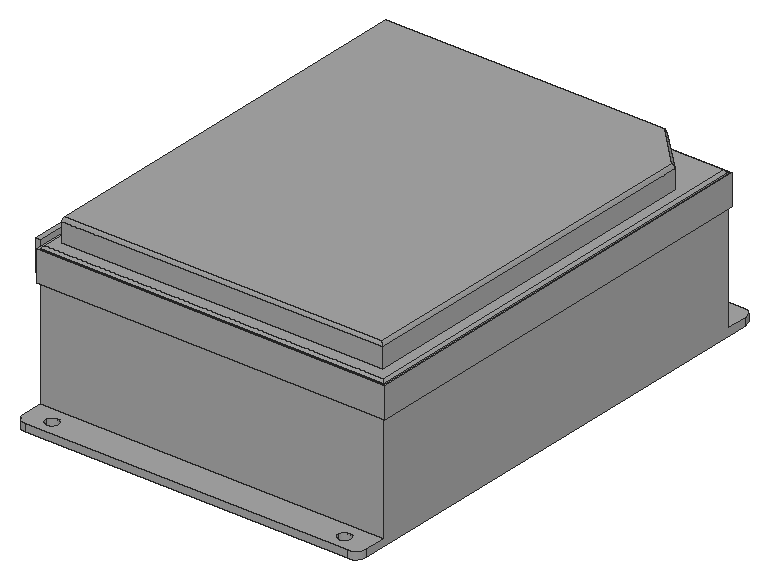
Revit family "WIR-GATEWAY3", category Communication Devices, host Face, Revit 2014
Parameters (values of type "WIR-GATEWAY3")
  Warranty = "5-Years Warranty"  # constant formula
  Type Comments = "Bluetooth® Radio Controller"  # constant formula
  Product Page URL = "https://www.hubbell.com/hubbellcontrolsolutions/en/Products/Lighting-Controls/Lighting-Controls-Sensors/wiSCAPE-Lighting-Controls/wiSCAPE-Wireless-Gateway-GW3/p/2822030"
  Product Documentation Link = "https://hubbellcdn.com/specsheet/4513A_wiSCAPE_Gateway_G3_Spec_Sheet.pdf"
  URL = "https://www.hubbell.com/hubbellcontrolsolutions/en"
  Model = "WIR-GATEWAY3"  # constant formula
  Manufacturer = "Hubbell Control Solutions"  # constant formula
  Features = "Autonomously manages up to 1000 fixture modules (500 recommended)\r\n• Astronomical and fixed time scheduling\r\n• Uses Flash memory storage in order to withstand temperature, shock\r\nand vibrations\r\n• Supports network connectivity via Ethernet connection (Standard)\r\nor optional cellular modem\r\n• Surge protected\r\n• NEMA 4X (IP66) cabinet\r\n• Secure communication using AES-128 encryption\r\n• Optional cabinet heater for extreme cold environments"  # constant formula
  Description = "Hubbell Control Solutions' wiSCAPE® Gateway G3 (GW3) is a completely autonomous controller used to combine wiSCAPE Fixture Modules into a single wireless network. The GW3 enables communications between wiSCAPE fixture modules and the wiSCAPE Enterprise Central Management Server or the wiSCAPE Expresssoftware application. Although each fixture module is functionally autonomous, the GW3 acts as an access point through which the modules can be managed, monitored and metered. The GW3 then sends the data obtained from the fixture modules to the wiSCAPE Enterprise Central Management Server which collects the data from multiple gateways."  # constant formula
  Default Elevation = 48.00"
  Copyright = "Copyright © 2021 Hubbell Control Solutions"  # constant formula
  Contact Us = "https://www.hubbell.com/hubbellcontrolsolutions/en/contactUs"
  Housing Material = Paint - Hubbell - Machined Aluminum
  Assembly Code = "D5090"
Reference planes (in)
  plane 1 "Center (Front/Back)": y = 13.01342
  plane 2: z = 0
  plane 3 "Center (Left/Right)": x = 0
  plane 4: x = -4
  plane 5: x = 4
  plane 6: y = 8.01342
  plane 7: y = 18.01342
Forms (in)
  Extrusion 1, solid, material "Paint - Hubbell - Machined Aluminum" <- "Housing Material"
    sketch origin (0, 0, 0) x (1, 0, 0) y (0, 1, 0)
      loop
        line (-4, 8.01342) -> (4, 8.01342) -> (4, 18.01342) -> (-4, 18.01342) -> (-4, 8.01342)
    from 0 to 4
  Extrusion 2, void
    sketch origin (0, 0, 0) x (1, 0, 0) y (0, 1, 0)
      loop
        line (-4.25, 18.38842) -> (-4.25, 7.76342) -> (4.25, 7.76342) -> (4.25, 18.38842) -> (-4.25, 18.38842)
      loop
        line (-3.76147, 17.76074) -> (-3.76147, 8.33278) -> (3.70315, 8.33278) -> (3.70315, 16.82767) -> (2.77007, 17.76074) -> (-3.76147, 17.76074)
    from 3.45891 to 4.72793
  Sweep 3, void
    path origin (0, 0, 0) x (1, 0, 0) y (0, 1, 0)
      loop
        line (-3.76147, 17.76074) -> (-3.76147, 8.33278) -> (3.70315, 8.33278) -> (3.70315, 16.82767) -> (2.77007, 17.76074) -> (-3.76147, 17.76074)
    profile origin (-0.4957, 17.76074, 0) x (0, 1, 0) y (0, 0, 1)
      loop
        line (0.00946, 3.83288) -> (0.00946, 4.07587) -> (-0.11443, 4.07587)
        arc (-0.11443, 4.07587) -> (-0.0233, 3.96926) -> (0.00946, 3.83288) r 0.30024
  Extrusion 4, solid, material "Paint - Hubbell - Machined Aluminum" <- "Housing Material"
    sketch origin (0, 0, 0) x (1, 0, 0) y (0, 1, 0)
      loop
        line (-4, 18.01342) -> (4, 18.01342) -> (4, 18.51342)
        arc (4, 18.51342) -> (3.92678, 18.6902) -> (3.75, 18.76342) r 0.25
        line (3.75, 18.76342) -> (-3.75, 18.76342)
        arc (-3.75, 18.76342) -> (-3.92678, 18.6902) -> (-4, 18.51342) r 0.25
        line (-4, 18.51342) -> (-4, 18.01342)
      loop
        circle (-3.39864, 18.41737) r 0.15
      loop
        circle (3.39864, 18.41737) r 0.15
      loop
        line (-4, 8.01342) -> (-4, 7.51342)
        arc (-4, 7.51342) -> (-3.92678, 7.33664) -> (-3.75, 7.26342) r 0.25
        line (-3.75, 7.26342) -> (3.75, 7.26342)
        arc (3.75, 7.26342) -> (3.92678, 7.33664) -> (4, 7.51342) r 0.25
        line (4, 7.51342) -> (4, 8.01342) -> (-4, 8.01342)
      loop
        circle (-3.39864, 7.60947) r 0.15
      loop
        circle (3.39864, 7.60947) r 0.15
    from 0 to 0.16504
  Sweep 5, void
    path origin (0, 0, 0) x (1, 0, 0) y (0, 1, 0)
      loop
        line (-4, 18.01342) -> (-4, 8.01342) -> (4, 8.01342) -> (4, 18.01342) -> (-4, 18.01342)
    profile origin (0, 18.01342, 0) x (0, 1, 0) y (0, 0, 1)
      loop
        arc (-0.20358, 3.52614) -> (-0.02581, 3.42668) -> (0.04473, 3.23557) r 0.29417
        line (0.04473, 3.23557) -> (0.04473, 3.52614) -> (-0.20358, 3.52614)
  Extrusion 6, solid, material "Paint - Hubbell - Machined Aluminum" <- "Housing Material"
    sketch origin (0, 0, 0) x (1, 0, 0) y (0, 1, 0)
      loop
        line (-4.21216, 17.77725) -> (-4.31216, 17.77725) -> (-4.31216, 8.27725) -> (-4.21216, 8.27725) -> (-4.21216, 17.77725)
    from 2.68236 to 3.39149
  Extrusion 7, solid, material "Paint - Hubbell - Machined Aluminum" <- "Housing Material"
    sketch origin (0, 0, 0) x (1, 0, 0) y (0, 1, 0)
      loop
        line (-4.21216, 17.0166) -> (-4.21216, 16.35377) -> (-4, 16.35377) -> (-4, 17.0166) -> (-4.21216, 17.0166)
      loop
        line (-4.21216, 15.5166) -> (-4.21216, 14.85377) -> (-4, 14.85377) -> (-4, 15.5166) -> (-4.21216, 15.5166)
      loop
        line (-4.21216, 14.0166) -> (-4.21216, 13.35377) -> (-4, 13.35377) -> (-4, 14.0166) -> (-4.21216, 14.0166)
      loop
        line (-4.21216, 9.01024) -> (-4, 9.01024) -> (-4, 9.67307) -> (-4.21216, 9.67307) -> (-4.21216, 9.01024)
      loop
        line (-4.21216, 10.51024) -> (-4, 10.51024) -> (-4, 11.17307) -> (-4.21216, 11.17307) -> (-4.21216, 10.51024)
      loop
        line (-4.21216, 12.01024) -> (-4, 12.01024) -> (-4, 12.67307) -> (-4.21216, 12.67307) -> (-4.21216, 12.01024)
    from 3.2778 to 3.39149
  Extrusion 8, solid, material "Paint - Hubbell - Machined Aluminum" <- "Housing Material"
    sketch origin (0, 0, -0.58692) x (1, 0, 0) y (0, 1, 0)
      loop
        line (-4.21216, 17.7666) -> (-4.21216, 17.10377) -> (-4, 17.10377) -> (-4, 17.7666) -> (-4.21216, 17.7666)
      loop
        line (-4.21216, 16.2666) -> (-4.21216, 15.60377) -> (-4, 15.60377) -> (-4, 16.2666) -> (-4.21216, 16.2666)
      loop
        line (-4.21216, 14.7666) -> (-4.21216, 14.10377) -> (-4, 14.10377) -> (-4, 14.7666) -> (-4.21216, 14.7666)
      loop
        line (-4.21216, 9.76024) -> (-4, 9.76024) -> (-4, 10.42307) -> (-4.21216, 10.42307) -> (-4.21216, 9.76024)
      loop
        line (-4.21216, 11.26024) -> (-4, 11.26024) -> (-4, 11.92307) -> (-4.21216, 11.92307) -> (-4.21216, 11.26024)
      loop
        line (-4.21216, 12.76024) -> (-4, 12.76024) -> (-4, 13.42307) -> (-4.21216, 13.42307) -> (-4.21216, 12.76024)
      loop
        line (-4.21216, 8.31617) -> (-4, 8.31617) -> (-4, 8.97899) -> (-4.21216, 8.97899) -> (-4.21216, 8.31617)
    from 3.2778 to 3.39149
  Extrusion 9, solid, material "Paint - Hubbell - Machined Aluminum" <- "Housing Material"
    sketch origin (0, 0, 0) x (1, 0, 0) y (0, 1, 0)
      loop
        line (-4, 18.01342) -> (-4, 8.01342) -> (4, 8.01342) -> (4, 18.01342) -> (-4, 18.01342)
      loop
        line (4.05, 7.96342) -> (4.05, 18.06342) -> (-4.05, 18.06342) -> (-4.05, 7.96342) -> (4.05, 7.96342)
    from 2.68236 to 3.39149
Cuts and joins
  Extrusion 2, Sweep 3, Sweep 5 cuts Extrusion 1
  Sweep 5 cuts Extrusion 4
  joined: Extrusion 1, Extrusion 4
Dimensions and locks (in)
  aligned and locked: plane 2 to host face
  aligned and locked: level to host face
Connectors (in)
  electrical at (0, 13.01342, 0)
    settings: on cut or joined group of Extrusion 1, Extrusion 2, Sweep 3, Extrusion 4, Sweep 5, index 1, voltage 0 V, apparent load 0 VA, apparent load phase1 0 VA, apparent load phase2 0 VA, apparent load phase3 0 VA, power factor 1, load classification "Other", number of poles 1, system type 13, power factor state 1, is connector primary yes, connector utility no, sub classification motor no, connector description ""
